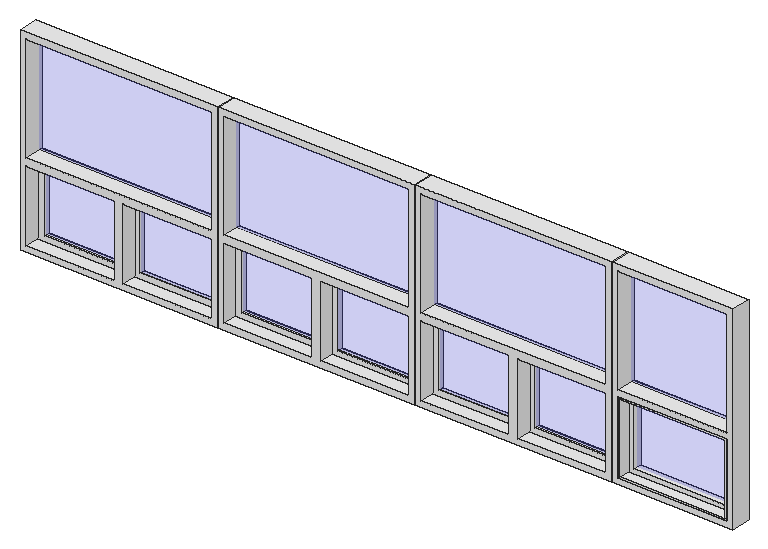
Revit family
Parameters
  창 두께 = 150 mm
  창 패널 = AW19 창 패널
  창 프레임 = AW19 창 프레임
  길이 1 = (Width - 915 mm) / 3  # 1500 mm
  Height = 1500 mm
  절반 창 두께 = 창 두께 / 2  # 75 mm
  기본 씰 높이 = 900 mm
  Wall Closure = (empty or 0)
  Width = 5415 mm
Reference planes
  plane 1: y = 0
  plane 2 "중심(왼쪽/오른쪽)": x = 0
  plane 3 "왼쪽": x = -2707.5
  plane 4 "오른쪽": x = 2707.5
  plane 5 "씰": z = 900
  plane 6 "헤드": z = 2400
  plane 7 "외부": y = 100
  plane 8 "내부": y = -100
  plane 9: y = 75
  plane 10: y = -75
  plane 11: y = 35
  plane 12: x = -2662.5
  plane 13: x = 2662.5
  plane 14: x = -2652.5
  plane 15: x = 2652.5
  plane 16: z = 1500
  plane 17: z = 1490
  plane 18: z = 1545
  plane 19: y = 55
  plane 20: y = 66
  plane 21: y = 44
  plane 22: y = -11
  plane 23: y = 11
  plane 24: x = -1208
  plane 25: x = 292
  plane 26: x = 1792
  plane 27: x = -1957.75
  plane 28: x = -458
  plane 29: x = 1042
  plane 30: x = -1990.25
  plane 31: x = -1925.25
  plane 32: x = -1980.25
  plane 33: x = -1935.25
  plane 34: x = -1240.5
  plane 35: x = -1175.5
  plane 36: x = -1230.5
  plane 37: x = -1185.5
  plane 38: x = -425.5
  plane 39: x = -490.5
  plane 40: x = -480.5
  plane 41: x = -435.5
  plane 42: x = 259.5
  plane 43: x = 324.5
  plane 44: x = 269.5
  plane 45: x = 314.5
  plane 46: x = 1009.5
  plane 47: x = 1074.5
  plane 48: x = 1019.5
  plane 49: x = 1064.5
  plane 50: x = 1759.5
  plane 51: x = 1824.5
  plane 52: x = 1769.5
  plane 53: x = 1814.5
  plane 54: x = 1417
  plane 55: x = 667
  plane 56: x = -83
  plane 57: x = -833
  plane 58: x = -1582.875
  plane 59: x = -2332.625
  plane 60: x = 2249.75
Lines and regions (mm)
  symbolic lines, style "입면도 스윙"
    curve 1: line (22.5, 75, 945) -> (-32.5, 75, 945)
  symbolic lines
    curve 2: line (-2707.5, 100, 0) -> (-2707.5, -100, 0)
    curve 3: line (2707.5, 100, 0) -> (2707.5, -100, 0)
    curve 4: line (-2707.5, 75, 0) -> (2707.5, 75, 0)
    curve 5: line (-2707.5, -75, 0) -> (2707.5, -75, 0)
    curve 6: line (-2707.5, 0, 0) -> (-1252.5, 0, 0)
    curve 7: line (-1252.5, 75, 0) -> (-1252.5, -75, 0)
    curve 8: line (-1162.5, 75, 0) -> (-1162.5, -75, 0)
    curve 9: line (-1162.5, 0, 0) -> (247.5, 0, 0)
    curve 10: line (247.5, 75, 0) -> (247.5, -75, 0)
    curve 11: line (337.5, 75, 0) -> (337.5, -75, 0)
    curve 12: line (337.5, 0, 0) -> (1747.5, 0, 0)
    curve 13: line (1747.5, 75, 0) -> (1747.5, -75, 0)
    curve 14: line (1837.5, 75, 0) -> (1837.5, -75, 0)
    curve 15: line (1837.5, 0, 0) -> (2707.5, 0, 0)
Text (mm)
  text "외부" at (-1963.203, 1332.353, 0), in view "참조 레벨"
  text "내부" at (-1981.466, -818.386, 0), in view "참조 레벨"
  text "외부" at (0, 923.751, 2943.296), in view "오른쪽"
  text "외부" at (0, 1040.484, 2685.409), in view "왼쪽"
Dimensions and locks
  equal spacing: plane 3 "왼쪽", plane 2 "중심(왼쪽/오른쪽)", plane 4 "오른쪽"
  "Width": plane 3 "왼쪽" to plane 4 "오른쪽"
  "Height": plane 5 "씰" to plane 6 "헤드"
  "기본 씰 높이": plane 5 "씰" to level
  locked: plane 7 "외부" to host wall at 0
  locked: plane 8 "내부" to host wall
  plane 17 to plane 16 to plane 18 = 10 mm locked, 45 mm locked
  plane 9 to plane 19 to plane 11 = 20 mm locked, 20 mm locked
  plane 20 to plane 19 to plane 21 = 11 mm locked, 11 mm locked
  plane 23 to host wall to plane 22 = 11 mm locked, 11 mm locked
  plane 3 "왼쪽" to plane 12 to plane 14 = 45 mm locked, 10 mm locked
  plane 15 to plane 13 to plane 4 "오른쪽" = 10 mm locked, 45 mm locked
  locked: plane 5 "씰" to plane 16 at 600
  equal spacing: plane 24, plane 28, plane 25
  equal spacing: plane 25, plane 29, plane 26
  plane 30 to plane 32 to plane 27 to plane 33 to plane 31 = 10 mm locked, 22.5 mm locked, 22.5 mm locked, 10 mm locked
  plane 34 to plane 36 to plane 24 to plane 37 to plane 35 = 10 mm locked, 22.5 mm locked, 22.5 mm locked, 10 mm locked
  plane 39 to plane 40 to plane 28 to plane 41 to plane 38 = 10 mm locked, 22.5 mm locked, 22.5 mm locked, 10 mm locked
  plane 42 to plane 44 to plane 25 to plane 45 to plane 43 = 10 mm locked, 22.5 mm locked, 22.5 mm locked, 10 mm locked
  plane 46 to plane 48 to plane 29 to plane 49 to plane 47 = 10 mm locked, 22.5 mm locked, 22.5 mm locked, 10 mm locked
  plane 50 to plane 52 to plane 26 to plane 53 to plane 51 = 10 mm locked, 22.5 mm locked, 22.5 mm locked, 10 mm locked
  equal spacing: plane 29, plane 54, plane 26
  equal spacing: plane 25, plane 55, plane 29
  equal spacing: plane 28, plane 56, plane 25
  equal spacing: plane 24, plane 57, plane 28
  equal spacing: plane 27, plane 58, plane 24
  locked: plane 25 to plane 26 at 1500
  locked: plane 24 to plane 25 at 1500
  locked: plane 3 "왼쪽" to plane 24 at 1499.5
  equal spacing: plane 3 "왼쪽", plane 27, plane 24
  equal spacing: plane 3 "왼쪽", plane 59, plane 27
  equal spacing: plane 26, plane 60, plane 4 "오른쪽"
  "절반 창 두께": plane 9 to host wall
  "절반 창 두께": host wall to plane 10
  aligned and locked: plane 3 "왼쪽" to nested 1
  aligned and locked: nested 1 to plane 5 "씰"
  aligned and locked: nested 2 to plane 5 "씰"
  aligned and locked: nested 2 to nested 1
  aligned and locked: nested 3 to plane 5 "씰"
  aligned and locked: nested 2 to nested 3
  aligned and locked: plane 4 "오른쪽" to nested 4
  aligned and locked: nested 4 to plane 5 "씰"
  aligned and locked: curve 2 to plane 7 "외부"
  aligned and locked: curve 2 to plane 8 "내부"
  aligned and locked: plane 7 "외부" to curve 3
  aligned and locked: plane 8 "내부" to curve 3
  aligned and locked: curve 3 to nested 4
  aligned and locked: nested 1 to curve 4
  aligned and locked: nested 4 to curve 4
  aligned and locked: curve 4 to plane 9
  aligned and locked: curve 5 to plane 10
  aligned and locked: nested 1 to curve 6  (x2)
  aligned and locked: host wall to curve 6
  aligned and locked: plane 9 to curve 7
  aligned and locked: plane 10 to curve 7
  aligned and locked: nested 1 to curve 7
  aligned and locked: nested 2 to curve 8
  aligned and locked: curve 8 to curve 9
  aligned and locked: nested 2 to curve 9
  aligned and locked: host wall to curve 9
  aligned and locked: nested 2 to curve 10
  aligned and locked: nested 3 to curve 11
  aligned and locked: curve 11 to curve 12
  aligned and locked: nested 3 to curve 12
  aligned and locked: host wall to curve 12
  aligned and locked: nested 3 to curve 13
  aligned and locked: nested 4 to curve 14
  aligned and locked: curve 14 to curve 15
  aligned and locked: host wall to curve 15
Automatic sketch dimensions
  plane 2 "중심(왼쪽/오른쪽)" to curve 1 = 22.5 mm
  curve 1 to plane 2 "중심(왼쪽/오른쪽)" = 32.5 mm
  curve 1 to plane 5 "씰" = 45 mm
Nested families
  nested 1: "AW9 2" at (-1957.5, 0, 0) x (-1, 0, 0) z (0, 0, 1), type "AW9"
  nested 2: "AW9 2" at (-457.5, 0, 0) x (-1, 0, 0) z (0, 0, 1), type "AW9"
  nested 3: "AW9 2" at (1042.5, 0, 0) x (-1, 0, 0) z (0, 0, 1), type "AW9"
  nested 4: "창 단위" at (2250, 0, 0), type "AW9-1"
Definition of nested family "AW9 2"
  Parameters (values of type "AW9-1")
    창 두께 = 100 mm
    창 패널 = AW9 창 패널
    창 프레임 = AW9 창 프레임
    Height = 1500 mm
    절반 창 두께 = 창 두께 / 2  # 50 mm
    기본 씰 높이 = 900 mm
    Wall Closure = (empty or 0)
    Width = 1500 mm
    Assembly Code = ""
  Types (2, lengths in mm): name | 창 두께 | 창 패널 | 창 프레임 | 절반 창 두께
    AW9 | 150 | AW19 창 패널 | AW19 창 프레임 | 75
    AW9-1 | 100 | AW9 창 패널 | AW9 창 프레임 | 50
  Reference planes
    plane 1: y = 0
    plane 2 "중심(왼쪽/오른쪽)": x = 0
    plane 3 "왼쪽": x = -750
    plane 4 "오른쪽": x = 750
    plane 5 "씰": z = 900
    plane 6 "헤드": z = 2400
    plane 7 "외부": y = 100
    plane 8 "내부": y = -100
    plane 9: y = 50
    plane 10: y = -50
    plane 11: y = 10
    plane 12: x = -705
    plane 13: x = 705
    plane 14: x = -695
    plane 15: x = 695
    plane 16: z = 1500
    plane 17: z = 1490
    plane 18: z = 1545
    plane 19: y = 30
    plane 20: y = 41
    plane 21: y = 19
    plane 22: y = -11
    plane 23: y = 11
    plane 24: x = -22.5
    plane 25: x = 22.5
    plane 26: x = -32.5
    plane 27: x = 32.5
    plane 28: z = 2355
    plane 29: z = 945
    plane 30: x = 655
    plane 31: z = 1450
    plane 32: x = -655
    plane 33: z = 985
    plane 34: x = 72.5
    plane 35: x = -72.5
    plane 36: x = 368.75
    plane 37: x = -368.75
  Forms (mm)
    Extrusion 1, solid, material "AW9 창 프레임" <- "창 프레임"
      sketch origin (-2000, 50, 1000) x (-1, 0, 0) y (0, 0, 1)
        loop
          line (-2750, 1400) -> (-2750, -100) -> (-1250, -100) -> (-1250, 1400) -> (-2750, 1400)
        loop
          line (-2705, 1355) -> (-2705, 545) -> (-1295, 545) -> (-1295, 1355) -> (-2705, 1355)
        loop
          line (-2705, -55) -> (-2032.5, -55) -> (-2032.5, 490) -> (-2705, 490) -> (-2705, -55)
        loop
          line (-1295, -55) -> (-1295, 490) -> (-1967.5, 490) -> (-1967.5, -55) -> (-1295, -55)
      from -100 to 0
    Extrusion 2, solid, material "AW9 창 프레임" <- "창 프레임"
      sketch origin (-2000, 50, 1000) x (-1, 0, 0) y (0, 0, 1)
        loop
          line (-2705, 490) -> (-2705, -55) -> (-2032.5, -55) -> (-2032.5, 490) -> (-2705, 490)
        loop
          line (-1967.5, 490) -> (-1967.5, -55) -> (-1295, -55) -> (-1295, 490) -> (-1967.5, 490)
        loop
          line (-2655, 450) -> (-2655, -15) -> (-2072.5, -15) -> (-2072.5, 450) -> (-2655, 450)
        loop
          line (-1927.5, 450) -> (-1927.5, -15) -> (-1345, -15) -> (-1345, 450) -> (-1927.5, 450)
      from -40 to 0
    Extrusion 3, solid, material "AW9 창 패널" <- "창 패널"
      sketch origin (-2000, 50, 1000) x (-1, 0, 0) y (0, 0, 1)
        loop
          line (-2705, 1355) -> (-2705, 545) -> (-1295, 545) -> (-1295, 1355) -> (-2705, 1355)
        loop
          line (-2655, 450) -> (-2655, -15) -> (-2072.5, -15) -> (-2072.5, 450) -> (-2655, 450)
        loop
          line (-1927.5, 450) -> (-1927.5, -15) -> (-1345, -15) -> (-1345, 450) -> (-1927.5, 450)
      from -31 to -9
  Lines and regions (mm)
    Opening 1
      outline origin (3500, -100, 0) x (1, 0, 0) y (0, 0, 1)
        loop
          line (-2750, 900) -> (-2750, 2400) -> (-4250, 2400) -> (-4250, 900) -> (-2750, 900)
    symbolic lines, style "입면도 스윙"
      curve 1: line (368.75, 50, 1490) -> (705, 50, 945)
      curve 2: line (368.75, 50, 1490) -> (32.5, 50, 945)
      curve 3: line (-32.5, 50, 945) -> (-368.75, 50, 1490)
      curve 4: line (-368.75, 50, 1490) -> (-705, 50, 945)
  Text (mm)
    text "외부" at (-1963.203, 1332.353, 0), in view "참조 레벨"
    text "내부" at (-1981.466, -818.386, 0), in view "참조 레벨"
    text "외부" at (0, 923.751, 2943.296), in view "오른쪽"
    text "외부" at (0, 1040.484, 2685.409), in view "왼쪽"
  Dimensions and locks
    equal spacing: plane 3 "왼쪽", plane 2 "중심(왼쪽/오른쪽)", plane 4 "오른쪽"
    "Width": plane 3 "왼쪽" to plane 4 "오른쪽"
    "Height": plane 5 "씰" to plane 6 "헤드"
    locked: plane 7 "외부" to host wall at 0
    locked: plane 8 "내부" to host wall
    plane 17 to plane 16 to plane 18 = 10 mm locked, 45 mm locked
    plane 9 to plane 19 to plane 11 = 20 mm locked, 20 mm locked
    plane 20 to plane 19 to plane 21 = 11 mm locked, 11 mm locked
    plane 23 to host wall to plane 22 = 11 mm locked, 11 mm locked
    plane 3 "왼쪽" to plane 12 to plane 14 = 45 mm locked, 10 mm locked
    plane 15 to plane 13 to plane 4 "오른쪽" = 10 mm locked, 45 mm locked
    plane 24 to plane 2 "중심(왼쪽/오른쪽)" to plane 25 = 22.5 mm locked, 22.5 mm locked
    locked: plane 26 to plane 24 at 10
    locked: plane 25 to plane 27 at 10
    locked: plane 5 "씰" to plane 16 at 600
    "절반 창 두께": plane 9 to plane 1
    "절반 창 두께": plane 10 to plane 1
    "기본 씰 높이": level to plane 5 "씰"
    locked: plane 28 to plane 6 "헤드" at 45
    locked: plane 5 "씰" to plane 29 at 45
    locked: plane 30 to plane 15 at 40
    locked: plane 31 to plane 17 at 40
    locked: plane 14 to plane 32 at 40
    locked: plane 29 to plane 33 at 40
    locked: plane 34 to plane 27 at 40
    locked: plane 26 to plane 35 at 40
    equal spacing: plane 27, plane 36, plane 13
    equal spacing: plane 26, plane 37, plane 12
    aligned and locked: plane 6 "헤드" to Extrusion 1 sketch curve
    aligned and locked: plane 4 "오른쪽" to Extrusion 1 sketch curve
    aligned and locked: Extrusion 1 sketch curve to plane 5 "씰"
    aligned and locked: Extrusion 1 sketch curve to plane 3 "왼쪽"
    aligned and locked: Extrusion 1 sketch curve to plane 28
    aligned and locked: plane 13 to Extrusion 1 sketch curve  (x2)
    aligned and locked: plane 29 to Extrusion 1 sketch curve  (x2)
    aligned and locked: Extrusion 1 sketch curve to plane 12
    aligned and locked: plane 18 to Extrusion 1 sketch curve
    aligned and locked: plane 12 to Extrusion 1 sketch curve
    aligned and locked: plane 17 to Extrusion 1 sketch curve  (x2)
    aligned and locked: plane 27 to Extrusion 1 sketch curve
    aligned and locked: plane 26 to Extrusion 1 sketch curve
    aligned and locked: Extrusion 1 to plane 10
    aligned and locked: plane 9 to Extrusion 1
    aligned and locked: plane 17 to Extrusion 2 sketch curve  (x2)
    aligned and locked: plane 13 to Extrusion 2 sketch curve
    aligned and locked: plane 29 to Extrusion 2 sketch curve  (x2)
    aligned and locked: plane 27 to Extrusion 2 sketch curve
    aligned and locked: Extrusion 2 sketch curve to plane 31  (x2)
    aligned and locked: plane 30 to Extrusion 2 sketch curve
    aligned and locked: plane 33 to Extrusion 2 sketch curve  (x2)
    aligned and locked: Extrusion 2 sketch curve to plane 34
    aligned and locked: Extrusion 2 sketch curve to plane 26
    aligned and locked: Extrusion 2 sketch curve to plane 12
    aligned and locked: plane 35 to Extrusion 2 sketch curve
    aligned and locked: Extrusion 2 sketch curve to plane 32
    aligned and locked: Extrusion 2 to plane 9
    aligned and locked: Extrusion 2 to plane 11
    aligned and locked: Extrusion 3 sketch curve to plane 28
    aligned and locked: plane 13 to Extrusion 3 sketch curve
    aligned and locked: Extrusion 3 sketch curve to plane 18
    aligned and locked: Extrusion 3 sketch curve to plane 12
    aligned and locked: Extrusion 3 sketch curve to plane 31  (x2)
    aligned and locked: plane 30 to Extrusion 3 sketch curve
    aligned and locked: plane 33 to Extrusion 3 sketch curve  (x2)
    aligned and locked: Extrusion 3 sketch curve to plane 34
    aligned and locked: plane 35 to Extrusion 3 sketch curve
    aligned and locked: Extrusion 3 sketch curve to plane 32
    aligned and locked: Extrusion 3 to plane 21
    aligned and locked: plane 20 to Extrusion 3
    aligned and locked: plane 36 to curve 1
    aligned and locked: plane 29 to curve 1
    aligned and locked: plane 13 to curve 1
    aligned and locked: plane 17 to curve 2
    aligned and locked: plane 27 to curve 2
    aligned and locked: plane 29 to curve 2
    aligned and locked: plane 17 to curve 3
    aligned and locked: plane 37 to curve 3
    aligned and locked: plane 29 to curve 3
    aligned and locked: plane 26 to curve 3
    aligned and locked: plane 29 to curve 4
    aligned and locked: plane 12 to curve 4
  Automatic sketch dimensions
    Opening 1 sketch curve to plane 3 "왼쪽" = 0 mm
    Opening 1 sketch curve to plane 4 "오른쪽" = 0 mm
    Opening 1 sketch curve to plane 5 "씰" = 0 mm
    Opening 1 sketch curve to plane 6 "헤드" = 0 mm
    Extrusion 1 sketch curve to plane 17 = 0 mm
    Extrusion 1 sketch curve to plane 29 = 0 mm
Definition of nested family "창 단위"
  Parameters (values of type "AW9-1")
    창 두께 = 150 mm
    창 패널 = AW19 창 패널
    창 프레임 = AW19 창 프레임
    Height = 1500 mm
    절반 창 두께 = 창 두께 / 2  # 75 mm
    기본 씰 높이 = 900 mm
    Wall Closure = (empty or 0)
    Width = 915 mm
    Assembly Code = ""
  Types (2, lengths in mm): name | 창 패널 | 창 프레임 | 기본 씰 높이 | Width
    AW9 | AW9 창 패널 | AW9 창 프레임 | 1200 | 1500
    AW9-1 | AW19 창 패널 | AW19 창 프레임 | 900 | 915
  Reference planes
    plane 1: y = 0
    plane 2 "중심(왼쪽/오른쪽)": x = 0
    plane 3 "왼쪽": x = -457.5
    plane 4 "오른쪽": x = 457.5
    plane 5 "씰": z = 900
    plane 6 "헤드": z = 2400
    plane 7 "외부": y = 100
    plane 8 "내부": y = -100
    plane 9: y = 75
    plane 10: y = -75
    plane 11: y = 35
    plane 12: x = -412.5
    plane 13: x = 412.5
    plane 14: x = -402.5
    plane 15: x = 402.5
    plane 16: z = 1500
    plane 17: z = 1490
    plane 18: z = 1545
    plane 19: y = 55
    plane 20: y = 66
    plane 21: y = 44
    plane 22: y = -11
    plane 23: y = 11
    plane 24: x = -22.5
    plane 25: x = 22.5
    plane 26: x = -32.5
    plane 27: x = 32.5
    plane 28: z = 2355
    plane 29: z = 945
    plane 30: x = 362.5
    plane 31: z = 1450
    plane 32: x = -362.5
    plane 33: z = 985
    plane 34: x = 72.5
    plane 35: x = -72.5
    plane 36: x = 222.5
    plane 37: x = -222.5
    plane 38: z = 955
  Forms (mm)
    Extrusion 1, solid, material "AW19 창 프레임" <- "창 프레임"
      sketch origin (-2000, 75, 1000) x (-1, 0, 0) y (0, 0, 1)
        loop
          line (-2457.5, 1400) -> (-2457.5, -100) -> (-1542.5, -100) -> (-1542.5, 1400) -> (-2457.5, 1400)
        loop
          line (-2412.5, 1355) -> (-2412.5, 545) -> (-1587.5, 545) -> (-1587.5, 1355) -> (-2412.5, 1355)
        loop
          line (-2412.5, -55) -> (-1587.5, -55) -> (-1587.5, 500) -> (-2412.5, 500) -> (-2412.5, -55)
      from -150 to 0
    Extrusion 2, solid, material "AW19 창 패널" <- "창 패널"
      sketch origin (-2000, 75, 1000) x (-1, 0, 0) y (0, 0, 1)
        loop
          line (-2412.5, 1355) -> (-2412.5, 545) -> (-1587.5, 545) -> (-1587.5, 1355) -> (-2412.5, 1355)
        loop
          line (-2412.5, 500) -> (-2412.5, -55) -> (-1587.5, -55) -> (-1587.5, 500) -> (-2412.5, 500)
      from -31 to -9
    Extrusion 3, solid, material "AW19 창 프레임" <- "창 프레임"
      sketch origin (-2000, 75, 1000) x (-1, 0, 0) y (0, 0, 1)
        loop
          line (-2362.5, 450) -> (-2362.5, -15) -> (-1637.5, -15) -> (-1637.5, 450) -> (-2362.5, 450)
        loop
          line (-2412.5, 500) -> (-2412.5, -55) -> (-1587.5, -55) -> (-1587.5, 500) -> (-2412.5, 500)
      from -64 to 0
    Extrusion 4, solid, material "AW19 창 프레임" <- "창 프레임"
      sketch origin (-2000, 75, 1000) x (-1, 0, 0) y (0, 0, 1)
        loop
          line (-2412.5, 500) -> (-2412.5, -55) -> (-1587.5, -55) -> (-1587.5, 500) -> (-2412.5, 500)
        loop
          line (-2402.5, 490) -> (-2402.5, -45) -> (-1597.5, -45) -> (-1597.5, 490) -> (-2402.5, 490)
      from -64 to -150
  Lines and regions (mm)
    Opening 1
      outline origin (3500, -100, 0) x (1, 0, 0) y (0, 0, 1)
        loop
          line (-3042.5, 900) -> (-3042.5, 2400) -> (-3957.5, 2400) -> (-3957.5, 900) -> (-3042.5, 900)
    symbolic lines, style "입면도 스윙"
      curve 1: line (412.5, 75, 945) -> (0, 75, 1500)
      curve 2: line (0, 75, 1500) -> (-412.5, 75, 945)
  Text (mm)
    text "외부" at (-1963.203, 1332.353, 0), in view "참조 레벨"
    text "내부" at (-1981.466, -818.386, 0), in view "참조 레벨"
    text "외부" at (0, 923.751, 2943.296), in view "오른쪽"
    text "외부" at (0, 1040.484, 2685.409), in view "왼쪽"
  Dimensions and locks
    equal spacing: plane 3 "왼쪽", plane 2 "중심(왼쪽/오른쪽)", plane 4 "오른쪽"
    "Width": plane 3 "왼쪽" to plane 4 "오른쪽"
    "Height": plane 5 "씰" to plane 6 "헤드"
    locked: plane 7 "외부" to host wall at 0
    locked: plane 8 "내부" to host wall
    plane 17 to plane 16 to plane 18 = 10 mm locked, 45 mm locked
    plane 9 to plane 19 to plane 11 = 20 mm locked, 20 mm locked
    plane 20 to plane 19 to plane 21 = 11 mm locked, 11 mm locked
    plane 23 to host wall to plane 22 = 11 mm locked, 11 mm locked
    plane 3 "왼쪽" to plane 12 to plane 14 = 45 mm locked, 10 mm locked
    plane 15 to plane 13 to plane 4 "오른쪽" = 10 mm locked, 45 mm locked
    plane 24 to plane 2 "중심(왼쪽/오른쪽)" to plane 25 = 22.5 mm locked, 22.5 mm locked
    locked: plane 26 to plane 24 at 10
    locked: plane 25 to plane 27 at 10
    locked: plane 5 "씰" to plane 16 at 600
    "절반 창 두께": plane 9 to plane 1
    "절반 창 두께": plane 10 to plane 1
    "기본 씰 높이": level to plane 5 "씰"
    locked: plane 28 to plane 6 "헤드" at 45
    locked: plane 5 "씰" to plane 29 at 45
    locked: plane 30 to plane 15 at 40
    locked: plane 31 to plane 17 at 40
    locked: plane 14 to plane 32 at 40
    locked: plane 29 to plane 33 at 40
    locked: plane 34 to plane 27 at 40
    locked: plane 26 to plane 35 at 40
    equal spacing: plane 27, plane 36, plane 13
    equal spacing: plane 26, plane 37, plane 12
    locked: plane 29 to plane 38 at 10
    aligned and locked: plane 6 "헤드" to Extrusion 1 sketch curve
    aligned and locked: plane 4 "오른쪽" to Extrusion 1 sketch curve
    aligned and locked: Extrusion 1 sketch curve to plane 5 "씰"
    aligned and locked: Extrusion 1 sketch curve to plane 3 "왼쪽"
    aligned and locked: Extrusion 1 sketch curve to plane 28
    aligned and locked: Extrusion 1 sketch curve to plane 12
    aligned and locked: plane 13 to Extrusion 1 sketch curve  (x3)
    aligned and locked: plane 18 to Extrusion 1 sketch curve
    aligned and locked: Extrusion 1 to plane 10
    aligned and locked: plane 9 to Extrusion 1
    aligned and locked: plane 12 to Extrusion 1 sketch curve  (x2)
    aligned and locked: Extrusion 1 sketch curve to plane 29
    aligned and locked: plane 13 to Extrusion 2 sketch curve  (x2)
    aligned and locked: Extrusion 2 sketch curve to plane 28
    aligned and locked: Extrusion 2 sketch curve to plane 12  (x2)
    aligned and locked: Extrusion 2 sketch curve to plane 18
    aligned and locked: plane 29 to Extrusion 2 sketch curve
    aligned and locked: Extrusion 2 to plane 21
    aligned and locked: plane 20 to Extrusion 2
    aligned and locked: plane 33 to Extrusion 3 sketch curve
    aligned and locked: Extrusion 3 sketch curve to plane 32
    aligned and locked: Extrusion 3 sketch curve to plane 31
    aligned and locked: plane 30 to Extrusion 3 sketch curve
    aligned and locked: plane 16 to Extrusion 3 sketch curve
    aligned and locked: plane 13 to Extrusion 3 sketch curve
    aligned and locked: plane 29 to Extrusion 3 sketch curve
    aligned and locked: Extrusion 3 sketch curve to plane 12
    aligned and locked: plane 16 to Extrusion 1 sketch curve
    aligned and locked: plane 16 to Extrusion 2 sketch curve
    aligned and locked: Extrusion 3 to plane 23
    aligned and locked: plane 9 to Extrusion 3
    aligned and locked: plane 16 to Extrusion 4 sketch curve
    aligned and locked: plane 13 to Extrusion 4 sketch curve
    aligned and locked: plane 29 to Extrusion 4 sketch curve
    aligned and locked: Extrusion 4 sketch curve to plane 12
    aligned and locked: Extrusion 4 sketch curve to plane 14
    aligned and locked: plane 17 to Extrusion 4 sketch curve
    aligned and locked: plane 15 to Extrusion 4 sketch curve
    aligned and locked: plane 38 to Extrusion 4 sketch curve
    aligned and locked: Extrusion 4 to plane 23
    aligned and locked: Extrusion 4 to plane 10
    aligned and locked: plane 29 to curve 1
    aligned and locked: plane 13 to curve 1
    aligned and locked: plane 12 to curve 2
    aligned and locked: plane 29 to curve 2
    aligned and locked: plane 2 "중심(왼쪽/오른쪽)" to curve 2
    aligned and locked: plane 16 to curve 2
  Automatic sketch dimensions
    Opening 1 sketch curve to plane 3 "왼쪽" = 0 mm
    Opening 1 sketch curve to plane 4 "오른쪽" = 0 mm
    Opening 1 sketch curve to plane 5 "씰" = 0 mm
    Opening 1 sketch curve to plane 6 "헤드" = 0 mm
